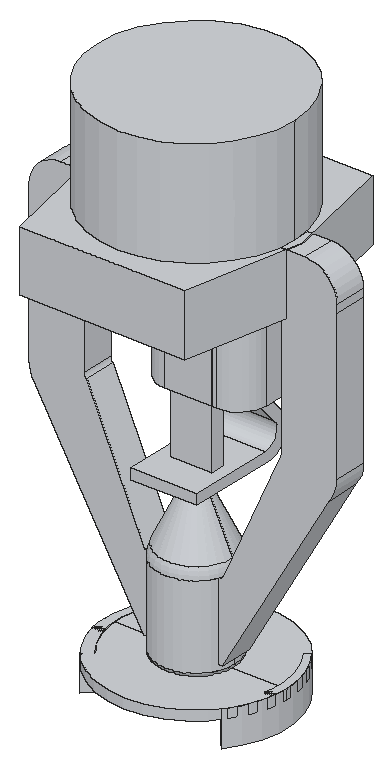
Revit family
Parameters (values of type "RASCO G VELO")
  Temperature Rating = 286 °F
  Response = (empty or 0)
  RASCO SIN # = "R4613"
  RASCO Part # = "GPV3B"
  Pressure Rating = ""
  Pressure Class = (empty or 0)
  Orifice Size = 3/4"
  Orifice = (empty or 0)
  Model = "G VELO"
  Manufacturer = "RASCO"
  K-Factor = 14
  Diameter = 3/4"
  Description = "BRASS FINISH"
  Coverage = (empty or 0)
Reference planes (in)
  plane 1 "Center (Front/Back)": y = 0
  plane 2: z = 0
  plane 3 "Center (Left/Right)": x = 0
Nested families (in)
  nested 1: "RASCO- GPV3B" at (-0.00025, -9.52089, 3.54408) x (-1, 0, -0.0001) z (0.0001, 0, -1), type "RASCO G VELO"
Connectors (in)
  piping at (-0.00023, -9.52089, 3.22204)
    settings: on nested 1, index 1, connector radius 1/2", flow factor 0, pipe flow 0 GPM, pressure drop 0.00 psi, fitting loss kfactor 0, connector angle 0.00°, fixture units 0, flow configuration 0, flow direction 0, fitting loss method 0, system type 7, connector reference index -1, connector utility 0, adjustable connector no, is connector primary yes, fitting loss table "", connector description ""
Definition of nested family "RASCO- GPV3B"
  Parameters (values of type "RASCO G VELO")
    Type Comments = ""
    Temperature Rating = 0 °F
    Response = (empty or 0)
    Pressure Rating = "0"
    Pressure Class = (empty or 0)
    Orifice Size = 0"
    Orifice = (empty or 0)
    Model = ""
    Manufacturer = ""
    K-Factor = 0
    Description = ""
    Coverage = (empty or 0)
    Assembly Code = ""
  Reference planes (in)
    plane 1 "Center (Front/Back)": y = 0
    plane 2: z = 0
    plane 3 "REF.1": z = 0.888
    plane 4 "top": z = 2.8125
    plane 5: x = -0.81624
    plane 6: x = 0.81332
    plane 7 "ref.2": z = 2.12402
    plane 8 "head": z = 2.72724
    plane 9 "left/right center": x = 0
    plane 10 "screw": z = 1.98251
    plane 11 "link2": through (0, -0.02489, 1.21079) normal (0, 0.6767, -0.7363)
    plane 12: z = 3.22204
    plane 13: z = 1.213
  Forms (in)
    Extrusion 1, solid
      sketch origin (0, 0, 0) x (1, 0, 0) y (0, 1, 0)
        loop
          circle (0, 0) r 0.5221
      from 0.32204 to 0.888
    Extrusion 2, solid
      sketch origin (0, 0, 0.888) x (-1, 0, 0) y (0, -1, 0)
        loop
          line (-0.43619, -0.62052) -> (0.4375, -0.62052) -> (0.56391, 0) -> (0.4375, 0.62052) -> (-0.43619, 0.62052) -> (-0.56259, 0) -> (-0.43619, -0.62052)
      from 0 to 0.325
    Extrusion 3, solid
      sketch origin (0, 0, 0) x (1, 0, 0) y (0, 0, 1)
        loop
          line (-0.5221, 0.888) -> (-0.5221, 1.098) -> (-0.5221, 1.86141)
          arc (-0.5221, 1.86141) -> (-0.5194, 1.87757) -> (-0.51161, 1.89198) r 0.04979
          line (-0.51161, 1.89198) -> (-0.20975, 2.56997) -> (0.20179, 2.56997) -> (0.5115, 1.87435)
          arc (0.5115, 1.87435) -> (0.51938, 1.85983) -> (0.5221, 1.84354) r 0.05007
          line (0.5221, 1.84354) -> (0.5221, 1.098) -> (0.5221, 0.888) -> (0.64763, 0.888)
          arc (0.64763, 0.888) -> (0.76676, 0.93734) -> (0.8161, 1.05647) r 0.16847
          line (0.8161, 1.05647) -> (0.8161, 1.098) -> (0.8161, 1.88537)
          arc (0.8161, 1.88537) -> (0.80631, 1.94391) -> (0.77801, 1.99608) r 0.17993
          line (0.77801, 1.99608) -> (0.20933, 2.98106) -> (-0.20975, 2.98106) -> (-0.77818, 1.99651)
          arc (-0.77818, 1.99651) -> (-0.80636, 1.94441) -> (-0.8161, 1.88599) r 0.18
          line (-0.8161, 1.88599) -> (-0.8161, 1.098) -> (-0.8161, 1.05594)
          arc (-0.8161, 1.05594) -> (-0.76691, 0.93719) -> (-0.64816, 0.888) r 0.16794
          line (-0.64816, 0.888) -> (-0.5221, 0.888)
      from -0.08649 to 0.08732
    Revolve 4, solid
      sketch origin (0, 0, 0) x (1, 0, 0) y (0, 0, 1)
        loop
          line (-0.00066, 3.03227) -> (-0.18738, 3.03227)
          arc (-0.18738, 3.03227) -> (-0.20121, 3.02654) -> (-0.20695, 3.0127) r 0.01957
          line (-0.20695, 3.0127) -> (-0.20695, 2.57443)
          arc (-0.20695, 2.57443) -> (-0.20355, 2.54377) -> (-0.19354, 2.51459) r 0.14031
          line (-0.19354, 2.51459) -> (-0.03397, 2.17619) -> (-0.00066, 2.17619) -> (-0.00066, 3.03227)
        axis (-0.00066, 3.03227) -> (-0.00066, 2.17619)
      angle from 0 to 360
    Extrusion 5, solid
      sketch origin (0, 0, 0) x (1, 0, 0) y (0, 0, 1)
        loop
          line (0.10934, 1.213) -> (0.10934, 2.12264) -> (-0.11066, 2.12264) -> (-0.11066, 1.213) -> (0.10934, 1.213)
      from -0.03602 to 0.03346
    Extrusion 6, solid
      sketch origin (0, 0, 0) x (1, 0, 0) y (0, 1, 0)
        loop
          line (-0.13782, -0.03346) -> (0.13824, -0.03346)
          arc (0.13824, -0.03346) -> (0.24228, 0.00963) -> (0.28537, 0.11367) r 0.14713
          line (0.28537, 0.11367) -> (0.28537, 0.36654) -> (0.21637, 0.36654) -> (0.21637, 0.12177)
          arc (0.21637, 0.12177) -> (0.19125, 0.06113) -> (0.13062, 0.03602) r 0.08575
          line (0.13062, 0.03602) -> (-0.12969, 0.03602)
          arc (-0.12969, 0.03602) -> (-0.19046, 0.06119) -> (-0.21563, 0.12195) r 0.08594
          line (-0.21563, 0.12195) -> (-0.21563, 0.36654) -> (-0.28463, 0.36654) -> (-0.28463, 0.11335)
          arc (-0.28463, 0.11335) -> (-0.24163, 0.00954) -> (-0.13782, -0.03346) r 0.14681
      from 1.30472 to 1.80738
    Extrusion 7, solid
      sketch origin (0, 0, 0) x (0, 0, -1) y (0, -1, 0)
        loop
          circle (-1.56307, -0.22442) r 0.13793
      from -0.21637 to 0.21563
    Extrusion 8, solid
      sketch origin (0, 0, 0) x (0, 0, -1) y (0, -1, 0)
        loop
          arc (-2.17619, -0.26024) -> (-2.1058, -0.36958) -> (-1.97714, -0.35076) r 0.12011
          line (-1.97714, -0.35076) -> (-1.74478, -0.14809)
          arc (-1.74478, -0.14809) -> (-1.6682, -0.1024) -> (-1.58045, -0.08649) r 0.25
          line (-1.58045, -0.08649) -> (-1.42416, -0.08649) -> (-1.42416, -0.03602) -> (-1.5818, -0.03602)
          arc (-1.5818, -0.03602) -> (-1.69102, -0.05581) -> (-1.78634, -0.11268) r 0.31117
          line (-1.78634, -0.11268) -> (-1.99985, -0.29891)
          arc (-1.99985, -0.29891) -> (-2.07893, -0.31048) -> (-2.12219, -0.24328) r 0.07382
          line (-2.12219, -0.24328) -> (-2.12219, 0.21398) -> (-2.17619, 0.21398) -> (-2.17619, -0.26024)
      from -0.17291 to 0.17375
    Revolve 9, solid
      sketch origin (0, 0, 0) x (1, 0, 0) y (0, 0, 1)
        loop
          line (0, 3.03474) -> (0, 3.08474) -> (-0.48, 3.08474) -> (-0.48, 3.03474) -> (0, 3.03474)
        axis (0, 3.08474) -> (0, 3.03474)
      angle from 0 to 360
    Extrusion 10, solid
      sketch origin (0, 0, 2.8125) x (-1, 0, 0) y (0, -1, 0)
        loop
          arc (-0.37523, 0.29934) -> (-0.48, -0.00091) -> (-0.37409, -0.30076) r 0.48
          line (-0.37409, -0.30076) -> (-0.35081, -0.27748)
          arc (-0.35081, -0.27748) -> (-0.43381, -0.00758) -> (-0.3315, 0.25561) r 0.43
          line (-0.3315, 0.25561) -> (-0.37523, 0.29934)
        loop
          arc (0.37467, -0.30003) -> (0.48, -0.00091) -> (0.37581, 0.29861) r 0.48
          line (0.37581, 0.29861) -> (0.33713, 0.25993)
          arc (0.33713, 0.25993) -> (0.43606, -0.00512) -> (0.34891, -0.27427) r 0.43
          line (0.34891, -0.27427) -> (0.37467, -0.30003)
      from 0.22224 to 0.40954
  Dimensions and locks (in)
    plane 5 to Extrusion 6 = 0' - 1.10161"
